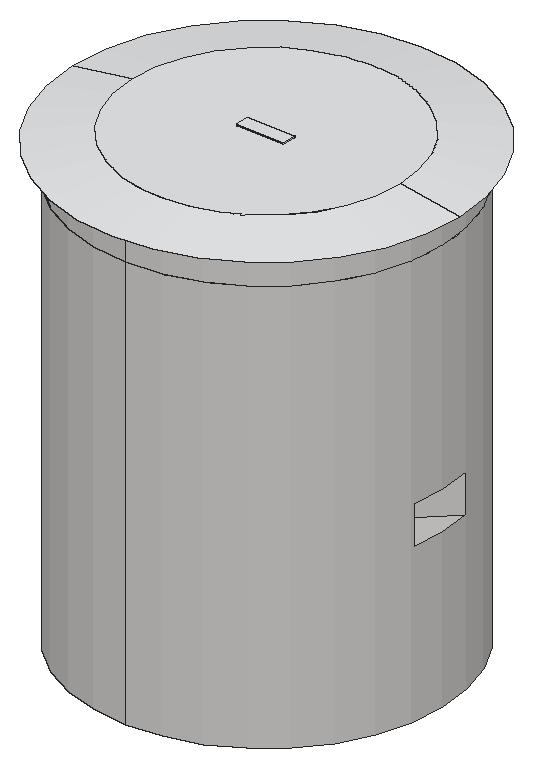
Revit family "AD-C81Tw", category Communication Devices, host Face, Revit 2012
Parameters (values of type "AD-C81Tw")
  Width = Grille Radius Base * 2  # 12.6"
  Weight Product (lb) = 20
  Weight Product (kg) = 9.8
  Weight Dimensional (lb) = 28
  Weight Dimensional (kg) = 12.7
  URL = "http://www.qscaudio.com/products/speakers/acoustic_design/c_series/ad_c81tw.htm"
  Sensitivity = 92
  SPL Max = 112
  Regulatory Compliance = "RoHS, UL1480, UL2043"
  Product Page URL = "http://www.qscaudio.com/products/speakers/acoustic_design/c_series/ad_c81tw.htm"
  Product Documentation Link = "http://media.qscaudio.com/pdfs/Specifications/AD_C81Tw_spec.pdf"
  Power Handling = 100
  Model = "AD-C81Tw"
  Middle Radius = 5.75"
  Middle Depth = 1"
  Manufacturer URL = "www.qscaudio.com"
  Manufacturer = "QSC Audio Products, LLC"
  Logo Material [instance] = White Powder Coated Finish
  Impedance = 8
  Grille Radius Extent = 4.37"
  Grille Radius Base = 6.3"
  Grille Material [instance] = White Powder Coated Mesh
  Grille Depth = 0.3"
  Enclosure Radius = 5.75"
  Enclosure Depth = 13.5"
  Description = "8\" Weather Resistant Subwoofer Loudspeaker element"
  Depth = Grille Depth + Middle Depth + Enclosure Depth  # 14.8"
  Default Elevation = 48"
  Coverage Vertical = 180.00°
  Coverage Horizontal = 180.00°
  70V Taps = "60, 30, 15, 7.5"
  100V Taps = "60, 30, 15"
Reference planes (in)
  plane 1 "Center (Front/Back)": y = 0
  plane 2: z = 0
  plane 3 "Center (Left/Right)": x = 0
  plane 4 "Grill Extent": z = 0.3
  plane 5 "Enclosure Extent": z = -14.5
  plane 6 "Middle Extent": z = -1
  plane 7 "Conduit Void": z = -9.38
Forms (in)
  Extrusion 1, solid, material "Steel"
    sketch origin (0, 0, -1) x (0, 1, 0) y (-1, 0, 0)
      loop
        circle (0, 0) r 5.75
    from 0 to 1 <- "Middle Depth"
  Extrusion 2, solid, material "Steel"
    sketch origin (0, 0, -14.5) x (0, 1, 0) y (-1, 0, 0)
      loop
        circle (0, 0) r 5.75
    from 0 to 13.5 <- "Enclosure Depth"
  Blend 3, solid, material "White Powder Coated Mesh" <- "Grille Material"
    base sketch origin (0, 0, 0) x (1, 0, 0) y (0, 1, 0)
      loop
        circle (0, 0) r 6.3
    top sketch origin (0, 0, 0) x (1, 0, 0) y (0, 1, 0)
      loop
        circle (0, 0) r 4.37
    from 0 to 0.3 <- "Grille Depth"
  Extrusion 4, void
    sketch origin (0, 18.06502, -9.38) x (0, -1, 0) y (1, 0, 0)
      loop
        line (18.06502, 4.59067) -> (19.12568, 5.65133) -> (18.06502, 6.71199) -> (17.00436, 5.65133) -> (18.06502, 4.59067)
    from 0 to 1.25
  Extrusion 5, solid, material "White Powder Coated Finish" <- "Logo Material", detail levels fine
    sketch origin (-10.61091, 3.91267, 0.3) x (0, 1, 0) y (-1, 0, 0)
      loop
        arc (-3.70607, -9.85794) -> (-3.71238, -9.84272) -> (-3.7276, -9.83641) r 0.02152
        line (-3.7276, -9.83641) -> (-4.13786, -9.83641)
        arc (-4.13786, -9.83641) -> (-4.15443, -9.84328) -> (-4.1613, -9.85985) r 0.02344
        line (-4.1613, -9.85985) -> (-4.1613, -11.34466)
        arc (-4.1613, -11.34466) -> (-4.15443, -11.36124) -> (-4.13786, -11.3681) r 0.02344
        line (-4.13786, -11.3681) -> (-3.72951, -11.3681)
        arc (-3.72951, -11.3681) -> (-3.71294, -11.36124) -> (-3.70607, -11.34466) r 0.02344
        line (-3.70607, -11.34466) -> (-3.70607, -9.85794)
    from 0 to 0.03125
Cuts and joins
  Extrusion 4 cuts Extrusion 2
Lines and regions (in)
  model lines, detail levels fine
    curve 1: line (0.10386, -0.08192, 0.33125) -> (-0.01267, 0.0716, 0.33125)
    curve 2: line (-0.01267, 0.0716, 0.33125) -> (0.10386, -0.08192, 0.33125)
    curve 3: line (-0.43515, -0.06275, 0.33125) -> (-0.39112, 0.09562, 0.33125)
    curve 4: line (-0.39112, 0.09562, 0.33125) -> (-0.43515, -0.06275, 0.33125)
    curve 5: line (-0.36161, -0.16761, 0.33125) -> (-0.39447, 0.12546, 0.33125)
    curve 6: line (-0.39447, 0.12546, 0.33125) -> (-0.36161, -0.16761, 0.33125)
    curve 7: line (0.25989, 0.03743, 0.33125) -> (0.3638, -0.03891, 0.33125)
    curve 8: line (0.3638, -0.03891, 0.33125) -> (0.25989, 0.03743, 0.33125)
Dimensions and locks (in)
  "Grille Depth": plane 4 "Grill Extent" to plane 2
  "Middle Depth": plane 6 "Middle Extent" to plane 2
  "Enclosure Depth": plane 5 "Enclosure Extent" to plane 6 "Middle Extent"
  plane 7 "Conduit Void" to plane 6 "Middle Extent" = 8.38"
  "Middle Radius": radius of Extrusion 1 sketch curve
  "Enclosure Radius": radius of Extrusion 2 sketch curve
  "Grille Radius Base": radius of Blend 3 sketch curve
  "Grille Radius Extent": radius of Blend 3 sketch curve
  aligned and locked: plane 2 to host face
  aligned and locked: level to host face
Automatic sketch dimensions
  host sketch curve to host sketch curve = 15.58542"
  host sketch curve to host sketch curve = 15.63226"
  plane 1 "Center (Front/Back)" to Extrusion 1 sketch curve = 0"
  Extrusion 1 sketch curve to plane 3 "Center (Left/Right)" = 0"
  plane 1 "Center (Front/Back)" to Extrusion 2 sketch curve = 0"
  Extrusion 2 sketch curve to plane 3 "Center (Left/Right)" = 0"
  plane 1 "Center (Front/Back)" to Blend 3 sketch curve = 0"  (x2)
  Blend 3 sketch curve to plane 3 "Center (Left/Right)" = 0"  (x2)
  plane 1 "Center (Front/Back)" to Extrusion 4 sketch curve = 0"  (x2)
  plane 1 "Center (Front/Back)" to Extrusion 4 sketch curve = 1.06066"
  Extrusion 4 sketch curve to plane 3 "Center (Left/Right)" = 6.71199"
  Extrusion 4 sketch curve to Extrusion 4 sketch curve = 1.06066"
  plane 1 "Center (Front/Back)" to Extrusion 5 sketch curve = 0.24863"
  Extrusion 5 sketch curve to Extrusion 5 sketch curve = 0.02344"  (x3)
  Extrusion 5 sketch curve to Extrusion 5 sketch curve = 0.40835"
  Extrusion 5 sketch curve to Extrusion 5 sketch curve = 0.41026"
  plane 3 "Center (Left/Right)" to Extrusion 5 sketch curve = 0.75719"
  Extrusion 5 sketch curve to Extrusion 5 sketch curve = 1.48481"
  curve 6 to Extrusion 5 = 0.08101"
  curve 5 to curve 6 = 0"  (x3)
  curve 1 to Extrusion 5 = 0.1667"
  curve 2 to curve 1 = 0"  (x3)
  curve 5 to curve 4 = 0.10486"
  curve 3 to curve 4 = 0"  (x3)
  curve 7 to Extrusion 5 = 0.20972"
  curve 8 to curve 7 = 0"  (x3)
  curve 7 to curve 7 = 0.07634"
  curve 1 to Extrusion 5 = 0.135"
  curve 3 to curve 6 = 0.02985"
  curve 8 to Extrusion 5 = 0.39339"
  curve 7 to curve 8 = 0"
  curve 7 to curve 7 = 0.10391"
  curve 8 to curve 2 = 0.15603"
  curve 1 to curve 2 = 0"
  curve 1 to curve 1 = 0.11653"
  curve 6 to Extrusion 5 = 0.41288"
  curve 5 to curve 4 = 0.02951"
  curve 3 to curve 5 = 0.00335"
  curve 6 to curve 5 = 0"
  curve 5 to curve 4 = 0.07354"
Connectors (in)
  cabletrayconduit at (5.121, 0.53033, -8.755)
    settings: on cut or joined group of Extrusion 2, Extrusion 4, index 1, connector width 12", connector height 12", connector radius 12", connector angle 0.00°, system type 32, placement type 1, profile type 0, connector reference index -1, is primary connector yes, connector utility param no, connector description "Concentric 1/2\" and 3/4\" Knockouts"
  electrical at (5.121, 0.53033, -8.755)
    settings: on cut or joined group of Extrusion 2, Extrusion 4, index 2, voltage 0 V, apparent load 0 VA, apparent load phase1 0 VA, apparent load phase2 0 VA, apparent load phase3 0 VA, power factor 1, load classification "Other", number of poles 1, system type 14, power factor state 1, is connector primary yes, connector utility no, sub classification motor no, connector description "Speaker"
